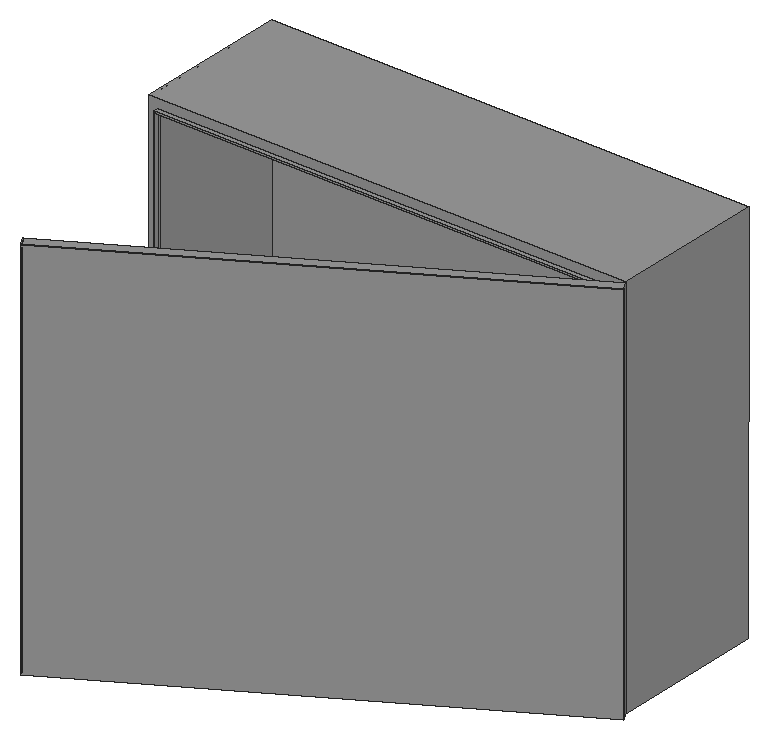
Revit family "Hager-Univers-IP55-D275-H650-Cl.II-Steel_encl-NoHosted-CH-en", category Equipement électrique, Revit 2020
Family settings
  Configuration du panneau = Deux colonnes, circuits au sein
  Cote de connecteur circulaire = Utiliser le diamètre
  Type d'élément = Tableau de raccordement
  Basée sur le plan de construction = Oui
  Toujours verticalement = Oui
  Couper avec des vides une fois chargée = Non
  Partagée = Non
  Point de calcul de pièce = Non
Parameters (values of type "Surface mounted (plaster) IP55 W800 H650 D275  - FR43S")
  Width Control [instance] = if([EF000008 - Width] > Min Width, [EF000008 - Width], Min Width)  # 800 mm
  Commentaires du type = [HG000003 - Range]  # "Univers"
  Thickness Door [instance] = if([EF009171 - Material plate thickness door/cover] > 3 mm, 3 mm, [EF009171 - Material plate thickness door/cover])  # 1.5 mm
  Seal Frame Offset [instance] = 17 mm  # constant formula
  Plinth Visibility [instance] = [HG000027 - Plinth height] > 0 mm  # no
  Min Width [instance] = 100 mm  # constant formula
  Min Depth [instance] = (2 * [EF009170 - Material plate thickness cabinet]) + 1 mm  # 4 mm
  Min Height [instance] = 100 mm  # constant formula
  Internal Frame Depth [instance] = (Door System Depth * 0.5)  # 9 mm
  Panel Name [instance] = ""  # (empty or 0)
  Model = ""
  HG000027 - Plinth height = 0 mm
  HG000026 - Floor standing = no
  HG000024 - Bottom section height = 600 mm
  HG000023 - Double section enclosure = no
  HG000016 - Door 3d visibility [instance] = yes
  HG000015 - Clearance visibility [instance] = no
  HG000014 - Door on the right [instance] = yes
  HG000013 - Door on the left [instance] = not([HG000014 - Door on the right])  # no
  HG000012 - Door swing angle [instance] = 30.00°
  HG000010 - Asymmetric doors = no
  HG000009 - Double swing door = no
  HG000006 - Flush mounted = no
  HG000004 - Manufacturer reference = "FR43S"
  HG000003 - Range = "Univers"
  HG000002 - With door or cover = yes
  Frame Offset Bottom [instance] = 10 mm  # constant formula
  Frame Offset [instance] = 15 mm  # constant formula
  EF015940 - Cover with overpressure release = no
  EF011959 - Degree of protection (NEMA) = ""
  EF009554 - Number of openings for flange plates = 6
  EF009212 - Cover model = "EV000116 - Closed"
  EF009171 - Material plate thickness door/cover = 1.5 mm
  EF009170 - Material plate thickness cabinet = 1.5 mm
  EF008873 - Nominal current (In) = 800 A
  EF007800 - Suitable for lightning protection = no
  EF006306 - With lock = no
  EF006244 - Transparent cover/door = no
  EF005474 - Degree of protection (IP) = "EV006420 - IP55"
  EF004464 - Type of door = "EV002646 - Single"
  EF004427 - Number of modules = 144
  EF004293 - Impact strength = "EV008784 - IK10"
  EF003532 - Suitable for outdoor use = no
  EF002950 - Width in number of modular spacings = 24
  EF001613 - Circuit integrity = "EV000494 - None"
  EF001596 - Material housing = "EV000179 - Steel"
  EF001131 - Internal depth = 275 mm
  EF001088 - Extension possible = yes
  EF000437 - Number of conduit inlets = 6
  EF000339 - Type of cover = "EV004216 - Door"
  EF000266 - Number of rows = 4
  EF000218 - Built-in depth = 0 mm
  EF000118 - With mounting plate = no
  EF000116 - RAL-number = "7035"
  EF000049 - Depth = 275 mm
  EF000040 - Height = 650 mm
  EF000008 - Width = 800 mm
  EF000007 - Colour = "EV000270 - Grey"
  EF000003 - Mounting method = "EV000384 - Surface mounted (plaster)"
  Door System Leaf Tolerance [instance] = 1.5 mm  # constant formula
  Door System Depth [instance] = 18 mm  # constant formula
  Door Height [instance] = Height Control - [HG000027 - Plinth height]  # 650 mm
  Description = ""
  Default Elevation = 1219.2 mm
  Connector Offset [instance] = Height Control / 2  # 325 mm
  Fabricant = "Hager"  # constant formula
  Height Control [instance] = if([EF000040 - Height] > Min Height, [EF000040 - Height], Min Height)  # 650 mm
  Depth Control [instance] = if([EF000049 - Depth] > Min Depth, [EF000049 - Depth], Min Depth)  # 275 mm
  Bottom Top Plate Trim [instance] = 1.5 mm  # constant formula
  Plinth height Ctrl [instance] = if([HG000027 - Plinth height] > 0 mm, [HG000027 - Plinth height], 12 mm)  # 12 mm
Types (5, lengths in mm): name | Width Control | HG000010 - Asymmetric doors | HG000009 - Double swing door | HG000004 - Manufacturer reference | EF009554 - Number of openings for flange plates | EF004464 - Type of door | EF004427 - Number of modules | EF000437 - Number of conduit inlets | EF000008 - Width
  Surface mounted (plaster) IP55 W1050 H650 D275  - FR44S | 1050 | no | yes | "FR44S" | 8 | "EV003602 - Double" | 192 | 8 | 1050
  Surface mounted (plaster) IP55 W1300 H650 D275  - FR45S | 1300 | yes | yes | "FR45S" | 10 | "EV003602 - Double" | 240 | 10 | 1300
  Surface mounted (plaster) IP55 W300 H650 D275  - FR41S | 300 | no | no | "FR41S" | 2 | "EV002646 - Single" | 48 | 2 | 300
  Surface mounted (plaster) IP55 W550 H650 D275  - FR42S | 550 | no | no | "FR42S" | 4 | "EV002646 - Single" | 96 | 4 | 550
  Surface mounted (plaster) IP55 W800 H650 D275  - FR43S | 800 | no | no | "FR43S" | 6 | "EV002646 - Single" | 144 | 6 | 800
Reference planes
  plane 1 "Center (Front/Back)": y = 0
  plane 2: z = 0
  plane 3 "Center (Left/Right)": x = 0
  plane 4: y = 0
  plane 5: y = 0
  plane 6: z = 0
  plane 7: x = -400
  plane 8: x = 400
  plane 9: x = 398.5
  plane 10: x = -398.5
  plane 11: z = 0
  plane 12: z = 1.5
  plane 13: y = -275
  plane 14: y = -1.5
  plane 15: x = 0
  plane 16: y = -257
  plane 17: y = -273.5
  plane 18: y = -255.5
  plane 19: x = -383.5
  plane 20: x = 383.5
  plane 21: z = 11.5
  plane 22: x = -383
  plane 23: x = 383
  plane 24: z = 0
  plane 25: z = 650
  plane 26: z = 650
  plane 27: z = 633.5
  plane 28: z = 648.5
Forms (mm)
  Extrusion 1, solid, material "Hager_Steel_RAL7035_Light_Grey", detail levels medium+fine
    sketch origin (-208.679, -4572, 0) x (-1, 0, 0) y (0, -1, 0)
      loop
        line (191.321, -4315) -> (-608.679, -4315) -> (-608.679, -4572) -> (191.321, -4572) -> (191.321, -4315)
    from 0 to 650
  Extrusion 2, void
    sketch origin (-350.771, -275, 1219.2) x (1, 0, 0) y (0, 0, 1)
      loop
        line (-47.729, -570.7) -> (-47.729, -1217.7) -> (749.271, -1217.7) -> (749.271, -570.7) -> (-47.729, -570.7)
    from -19.5 to -273.5
  Extrusion 3, void
    sketch origin (-290.084, -257, 1219.2) x (1, 0, 0) y (0, 0, 1)
      loop
        line (-93.416, -1207.7) -> (673.584, -1207.7) -> (673.584, -585.7) -> (-93.416, -585.7) -> (-93.416, -1207.7)
    from 0 to -1.5
  Extrusion 4, solid, material "Hager_Steel_RAL7035_Light_Grey", visible <- "Plinth Visibility", detail levels medium+fine
    sketch origin (0, 0, 0) x (1, 0, 0) y (0, 1, 0)
      loop
        line (-400, 0) -> (-400, -257) -> (400, -257) -> (400, 0) -> (-400, 0)
    from 0 to 12 <- "Plinth height Ctrl"
  Extrusion 5, solid, material "Hager_Steel_RAL7035_Light_Grey", detail levels coarse
    sketch origin (0, 0, 0) x (1, 0, 0) y (0, 1, 0)
      loop
        line (-400, 0) -> (-400, -275) -> (400, -275) -> (400, 0) -> (-400, 0)
    from 0 to 650 <- "Height Control"
  Sweep 6, void
    path in 3D
      loop
        line (-400, -257, 12) -> (400, -257, 12) -> (400, 0, 12) -> (-400, 0, 12) -> (-400, -257, 12)
    profile origin (-400, -128.5, 12) x (1, 0, 0) y (0, 0, 1)
      loop
        line (0, 0) -> (0, -1.5) -> (1.5, -1.5)
        arc (1.5, -1.5) -> (1.061, -0.439) -> (0, 0) r 1.5
  Extrusion 7, solid, material "Hager_Steel_RAL7035_Light_Grey", detail levels fine
    sketch origin (-400, -257, 0) x (1, 0, 0) y (0, 0, 1)
      loop
        line (16.5, 11.5) -> (783.5, 11.5) -> (783.5, 633.5) -> (16.5, 633.5) -> (16.5, 11.5)
      loop
        line (15, 10) -> (785, 10) -> (785, 635) -> (15, 635) -> (15, 10)
    from 0 to 9 <- "Internal Frame Depth"
Cuts and joins
  Extrusion 2, Extrusion 3 cuts Extrusion 1
  Sweep 6 cuts Extrusion 4
Lines and regions (mm)
  Masking region 1
    outline origin (0, 0, 0) x (1, 0, 0) y (0, 1, 0)
      loop
        line (-400, 0) -> (-400, -275) -> (400, -275) -> (400, 0) -> (-400, 0)
  Masking region 2, detail levels coarse
    outline origin (-290.084, -257, 1219.2) x (-1, 0, 0) y (0, 0, 1)
      loop
        line (-690.084, -1219.2) -> (109.916, -1219.2) -> (109.916, -569.2) -> (-690.084, -569.2) -> (-690.084, -1219.2)
  Masking region 3, detail levels coarse
    outline origin (0, 0, 0) x (0, 1, 0) y (0, 0, 1)
      loop
        line (0, 0) -> (0, 650) -> (-275, 650) -> (-275, 0) -> (0, 0)
  Masking region 4, visible <- "Plinth Visibility", detail levels medium+fine
    outline origin (0, 0, 0) x (0, 1, 0) y (0, 0, 1)
      loop
        line (-1.5, 12) -> (-255.5, 12)
        arc (-255.5, 12) -> (-255.939, 10.939) -> (-257, 10.5) r 1.5
        line (-257, 10.5) -> (-257, 0) -> (0, 0) -> (0, 10.5)
        arc (0, 10.5) -> (-1.061, 10.939) -> (-1.5, 12) r 1.5
  Masking region 5, detail levels medium+fine
    outline origin (0, 0, 594.038) x (0, 1, 0) y (0, 0, 1)
      loop
        line (0, -594.038) -> (0, 55.962) -> (-257, 55.962) -> (-257, -594.038) -> (0, -594.038)
  Masking region 6, detail levels medium+fine
    outline origin (-359.7, -257, 1211.883) x (-1, 0, 0) y (0, 0, 1)
      loop
        line (-759.7, -1211.883) -> (40.3, -1211.883) -> (40.3, -561.883) -> (-759.7, -561.883) -> (-759.7, -1211.883)
  Masking region 7, visible <- "Plinth Visibility", detail levels medium+fine
    outline origin (-320.334, -257, 1041.368) x (-1, 0, 0) y (0, 0, 1)
      loop
        line (-720.334, -1041.368) -> (79.666, -1041.368) -> (79.666, -1030.868)
        arc (79.666, -1030.868) -> (78.606, -1030.429) -> (78.166, -1029.368) r 1.5
        line (78.166, -1029.368) -> (-718.834, -1029.368)
        arc (-718.834, -1029.368) -> (-719.273, -1030.429) -> (-720.334, -1030.868) r 1.5
        line (-720.334, -1030.868) -> (-720.334, -1041.368)
  sketch lines
    curve 1: line (-400, 0, 12) -> (-400, -257, 12)
    curve 2: line (-400, -257, 12) -> (400, -257, 12)
    curve 3: line (400, 0, 12) -> (-400, 0, 12)
    curve 4: line (400, -257, 12) -> (400, 0, 12)
Dimensions and locks
  locked: plane 1 "Center (Front/Back)" to plane 5
  "EF009170 - Material plate thickness cabinet": plane 7 to plane 10
  "EF009170 - Material plate thickness cabinet": plane 8 to plane 9
  equal spacing: plane 7, plane 3 "Center (Left/Right)", plane 8
  "Width Control": plane 7 to plane 8
  "Depth Control": plane 4 to plane 13
  "EF009170 - Material plate thickness cabinet": plane 4 to plane 14
  "Height Control": plane 25 to level
  "HG000027 - Plinth height": plane 11 to level
  "EF009170 - Material plate thickness cabinet": plane 12 to plane 11
  "EF009170 - Material plate thickness cabinet": plane 17 to plane 13
  "EF009170 - Material plate thickness cabinet": plane 18 to plane 16
  "Frame Offset Bottom": plane 21 to plane 12
  "Frame Offset": plane 10 to plane 19
  "Frame Offset": plane 9 to plane 20
  "Door System Depth": plane 16 to plane 13
  "Seal Frame Offset": plane 7 to plane 22
  "Seal Frame Offset": plane 8 to plane 23
  "EF009170 - Material plate thickness cabinet": plane 26 to plane 28
  "Frame Offset": plane 28 to plane 27
  "Connector Offset": plane 2 to connector elem
  "Bottom Top Plate Trim": profile plane to Sweep 6 sketch curve
  "Bottom Top Plate Trim": Sweep 6 sketch curve to Sweep 6 sketch curve
  "Plinth height Ctrl": Masking region 4 sketch curve to level
  "Plinth height Ctrl": Masking region 7 sketch curve to level
  "Thickness Door": Extrusion 7 sketch curve to Extrusion 7 sketch curve  (x4)
  "Bottom Top Plate Trim": radius of Sweep 6 sketch curve
  "Bottom Top Plate Trim": radius of Masking region 4 sketch curve  (x2)
  "Bottom Top Plate Trim": radius of Masking region 7 sketch curve  (x2)
  aligned and locked: Extrusion 2 sketch curve to plane 12
  aligned and locked: Extrusion 2 sketch curve to plane 9
  aligned and locked: Extrusion 2 sketch curve to plane 10
  aligned and locked: Extrusion 2 to plane 14
  aligned and locked: Extrusion 1 sketch curve to plane 4
  aligned and locked: plane 8 to Extrusion 1 sketch curve
  aligned and locked: plane 7 to Extrusion 1 sketch curve
  aligned and locked: Extrusion 2 to plane 18
  aligned and locked: Extrusion 3 sketch curve to plane 19
  aligned and locked: plane 20 to Extrusion 3 sketch curve
  aligned and locked: Extrusion 3 to Extrusion 2
  aligned and locked: Extrusion 3 sketch curve to plane 21
  aligned and locked: plane 3 "Center (Left/Right)" to nested 1
  aligned and locked: Extrusion 1 sketch curve to plane 16
  aligned and locked: Extrusion 4 sketch curve to cut or joined group of Extrusion 1, Extrusion 2, Extrusion 3
  aligned and locked: Masking region 1 sketch curve to plane 7
  aligned and locked: Masking region 1 sketch curve to plane 5
  aligned and locked: Masking region 1 sketch curve to plane 8
  aligned and locked: Masking region 2 sketch curve to level
  aligned and locked: level to Masking region 3 sketch curve
  aligned and locked: plane 1 "Center (Front/Back)" to Masking region 3 sketch curve
  aligned and locked: plane 13 to Masking region 3 sketch curve
  aligned and locked: plane 5 to Masking region 4 sketch curve
  aligned and locked: Masking region 2 sketch curve to plane 8
  aligned and locked: Masking region 2 sketch curve to plane 7
  aligned and locked: plane 7 to nested 2
  aligned and locked: nested 2 to plane 5
  aligned and locked: plane 5 to Masking region 5 sketch curve
  aligned and locked: plane 26 to Masking region 5 sketch curve
  aligned and locked: Extrusion 5 sketch curve to plane 8
  aligned and locked: Extrusion 5 sketch curve to plane 7
  aligned and locked: Extrusion 5 sketch curve to plane 5
  aligned and locked: Extrusion 3 sketch curve to plane 27
  aligned and locked: Extrusion 2 sketch curve to plane 28
  aligned and locked: Masking region 2 to plane 25
  aligned and locked: Extrusion 4 to plane 16
  aligned and locked: profile plane to Sweep 6 sketch curve
  aligned and locked: Masking region 5 sketch curve to plane 24
  aligned and locked: level to Masking region 4 sketch curve
  aligned and locked: Masking region 1 to plane 13
  aligned and locked: nested 1 to plane 16
  aligned and locked: Masking region 3 to plane 25
  aligned and locked: plane 16 to Masking region 4 sketch curve
  aligned and locked: Masking region 5 sketch curve to plane 16
  aligned and locked: plane 24 to plane 11
  aligned and locked: plane 26 to plane 25
  aligned and locked: plane 26 to cut or joined group of Extrusion 1, Extrusion 2, Extrusion 3
  aligned and locked: nested 1 to plane 24
  aligned and locked: Extrusion 1 to Extrusion 3
  aligned and locked: Masking region 6 sketch curve to plane 8
  aligned and locked: Masking region 6 sketch curve to plane 24
  aligned and locked: Masking region 6 sketch curve to plane 7
  aligned and locked: Masking region 6 sketch curve to plane 26
  aligned and locked: Masking region 7 sketch curve to plane 7
  aligned and locked: level to Masking region 7 sketch curve
  aligned and locked: Masking region 7 sketch curve to plane 8
  aligned and locked: Extrusion 7 sketch curve to cut or joined group of Extrusion 1, Extrusion 2, Extrusion 3  (x4)
Automatic sketch dimensions
  plane 19 to Extrusion 3 sketch curve = 0 mm
  Extrusion 3 sketch curve to plane 20 = 0 mm
  Extrusion 3 sketch curve to plane 21 = 0 mm
  Extrusion 4 sketch curve to plane 7 = 0 mm
  Extrusion 4 sketch curve to plane 8 = 0 mm
  Extrusion 4 sketch curve to plane 16 = 0 mm
  Masking region 1 sketch curve to plane 13 = 0 mm
  Masking region 2 sketch curve to plane 25 = 0 mm
  Masking region 3 sketch curve to plane 25 = 0 mm
  Extrusion 5 sketch curve to plane 13 = 0 mm
  profile plane to Sweep 6 sketch curve = 0 mm
Nested families
  nested 1: "EC000058_Univers_Door" at (0, -257, 0), Double <- "HG000009 - Double swing door", Transparent <- "EF006244 - Transparent cover/door", Angle <- "HG000012 - Door swing angle", Door_Right <- "HG000014 - Door on the right", Assymetrical <- "HG000010 - Asymmetric doors", Door <- "HG000002 - With door or cover", Width_Ctrl <- "Width Control", 3d_Door <- "HG000016 - Door 3d visibility", Clearance <- "HG000015 - Clearance visibility", Door_Left <- "HG000013 - Door on the left", Width <- "Width Control", Door_Depth <- "Door System Depth", Leaf_Tolerance <- "Door System Leaf Tolerance", Height <- "Door Height", Lock_Visibility <- "EF006306 - With lock", Thickness <- "Thickness Door", type "EC000058_Univers_Door", detail levels medium+fine
    with min_wh 4 mm, Width_Ctrl 800 mm, Width 800 mm, Transparent no, Thickness 1.5 mm, Seal_Material Hager_Rubber, Lock_Visibility no, Lock_Material Hager_Plastic_RAL9005_Jet_Black, Leaf_Width 800 mm, Leaf_Tolerance_External_Sides 0 mm, Leaf_Tolerance 1.5 mm, Leaf_Offset 0 mm, Leaf_Height 647 mm, Leaf_2_Width 800 mm, Leaf_2_Offset 400 mm, Leaf_1_Width 800 mm, Leaf_1_Offset 400 mm, Height_Ctrl 650 mm, Height 650 mm, Glass_Material Hager_Glass, Double_Clearance_Ctrl no, Double no, Door_Right_Ctrl yes, Door_Right yes, Door_Material Hager_Steel_RAL7035_Light_Grey, Door_Left_Ctrl no, Door_Left no, Door_Depth 18 mm, Door yes, Clearance_Material Hager_Clearance, Clearance_Depth 800 mm, Clearance_Ctrl no, Clearance no, Assymetrical no, Angle 30.00°, 3d_Door yes
  nested 2: "Hager_Enclosure_Symbol" at (-400, 0, 0), Height <- "Depth Control", Width <- "Width Control", type "Hager_Enclosure_Symbol"
    with Width_Ctrl 800 mm, Width 800 mm, Height_Ctrl 275 mm, Height 275 mm, A_Width_Int 18.047 mm, A_Width 216.562 mm, A_Height_Ctrl 240.625 mm, A_Height 240.625 mm
Connectors
  electrical at (0, 0, 325)
    settings: on plane 1 "Center (Front/Back)", index 1, voltage 0 V, apparent load 0 VA, apparent load phase1 0 VA, apparent load phase2 0 VA, apparent load phase3 0 VA, power factor 1, load classification "Other", number of poles 1, system type 30, power factor state 1, is connector primary yes, connector utility no, sub classification motor no, connector description ""
Definition of nested family "EC000058_Univers_Door"
  Parameters (values of type "EC000058_Univers_Door")
    min_wh [instance] = (2 * Thickness) + 1 mm  # 11 mm
    Width_Ctrl [instance] = 400 mm
    Width [instance] = 500 mm
    Transparent [instance] = yes
    Thickness [instance] = 5 mm
    Seal_Material [instance] = none
    Lock_Visibility [instance] = yes
    Lock_Material [instance] = none
    Leaf_Width [instance] = if((Width_Ctrl - 2 * Leaf_Tolerance_External_Sides) > 0 mm, (Width_Ctrl - 2 * Leaf_Tolerance_External_Sides), min_wh)  # 400 mm
    Leaf_Tolerance_External_Sides [instance] = 0 mm  # constant formula
    Leaf_Tolerance [instance] = 1.5 mm
    Leaf_Offset [instance] = 0 mm  # constant formula
    Leaf_Height [instance] = if((Height_Ctrl - 2 * Leaf_Tolerance) > 0 mm, (Height_Ctrl - 2 * Leaf_Tolerance), min_wh)  # 497 mm
    Leaf_2_Width [instance] = if(and(and(Double, Assymetrical), Door_Left), (Leaf_Width / 3) - (Leaf_Tolerance / 2), if(and(and(Double, Assymetrical), Door_Right), (Leaf_Width / 3) * 2 - (Leaf_Tolerance / 2), if(and(Double, not(Assymetrical)), (Leaf_Width / 2) - Leaf_Tolerance, Leaf_Width)))  # 400 mm
    Leaf_2_Offset [instance] = if(and(Double, Assymetrical), Leaf_2_Width / 2, if(and(Double, not(Assymetrical)), Leaf_Width / 4, Leaf_Width / 2))  # 200 mm
    Leaf_1_Width [instance] = if(and(and(Double, Assymetrical), Door_Right), (Leaf_Width / 3) - (Leaf_Tolerance / 2), if(and(and(Double, Assymetrical), Door_Left), (Width / 3) * 2 - (Leaf_Tolerance / 2), if(and(Double, not(Assymetrical)), (Leaf_Width / 2) - Leaf_Tolerance, Leaf_Width)))  # 400 mm
    Leaf_1_Offset [instance] = if(and(Double, Assymetrical), Leaf_1_Width / 2, if(and(Double, not(Assymetrical)), Leaf_Width / 4, Leaf_Width / 2))  # 200 mm
    Height_Ctrl [instance] = if(Height > min_wh, Height, min_wh)  # 500 mm
    Height [instance] = 500 mm
    Glass_Material [instance] = none
    Double_Clearance_Ctrl [instance] = and(Double, Clearance)  # no
    Double [instance] = no
    Door_Right_Ctrl [instance] = and(or(Door_Right, Double), Door)  # yes
    Door_Right [instance] = yes
    Door_Material [instance] = none
    Door_Left_Ctrl [instance] = and(or(Door_Left, Double), Door)  # no
    Door_Left [instance] = no
    Door_Depth [instance] = 30 mm
    Door [instance] = yes
    Default Elevation = 1219.2 mm
    Clearance_Material [instance] = none
    Clearance_Depth [instance] = if(Leaf_1_Width > Leaf_2_Width, Leaf_1_Width, Leaf_2_Width)  # 400 mm
    Clearance_Ctrl [instance] = and(not(Double), Clearance)  # yes
    Clearance [instance] = yes
    Assymetrical [instance] = yes
    Angle [instance] = 30.00°
    3d_Door [instance] = yes
  Reference planes
    plane 1 "Center (Front/Back)": y = 0
    plane 2 "Bottom": z = 0
    plane 3 "Center (Left/Right)": x = 0
    plane 4: z = 500
    plane 5: x = -200
    plane 6: x = 200
    plane 7: z = 500
    plane 8: x = -200
    plane 9: z = 0
    plane 10: x = 200
    plane 11: y = 0
    plane 12: z = 1.5
    plane 13: x = -600
    plane 14: y = -400
    plane 15: x = 600
    plane 16: x = 0
    plane 17: x = 0
    plane 18: x = -200
    plane 19: x = 200
    plane 20: z = 498.5
  Forms (mm)
    Extrusion 1, solid, material <- "Clearance_Material", visible <- "Double_Clearance_Ctrl"
      sketch origin (1200, 0, 0) x (1, 0, 0) y (0, 0, -1)
        loop
          line (-1800, -498.5) -> (-600, -498.5) -> (-600, 0) -> (-1800, 0) -> (-1800, -498.5)
      from 0 to -400
  Dimensions and locks
    equal spacing: plane 5, plane 3 "Center (Left/Right)", plane 6
    "Width_Ctrl": plane 5 to plane 6
    "Leaf_Offset": plane 5 to plane 8
    "Leaf_Offset": plane 6 to plane 10
    "Leaf_Offset": plane 9 to level
    "Leaf_Offset": plane 4 to plane 7
    "Height_Ctrl": plane 4 to level
    "Leaf_Tolerance": plane 12 to plane 9
    locked: plane 11 to plane 1 "Center (Front/Back)"
    "Leaf_1_Offset": plane 18 to plane 16
    "Leaf_2_Offset": plane 17 to plane 19
    "Leaf_1_Width": plane 13 to plane 8
    "Leaf_2_Width": plane 10 to plane 15
    "Clearance_Depth": plane 14 to plane 1 "Center (Front/Back)"
    "Leaf_Tolerance_External_Sides": plane 8 to plane 18
    "Leaf_Tolerance_External_Sides": plane 19 to plane 10
    "Leaf_Tolerance": plane 7 to plane 20
    aligned and locked: level to plane 2 "Bottom"
    aligned and locked: nested 1 to plane 16
    aligned and locked: nested 2 to plane 17
    aligned and locked: Extrusion 1 to plane 13
    aligned and locked: plane 15 to Extrusion 1
    aligned and locked: Extrusion 1 to plane 14
    aligned and locked: plane 12 to nested 1
    aligned and locked: nested 2 to plane 12
    aligned and locked: Extrusion 1 to plane 11
    aligned and locked: plane 20 to Extrusion 1
    aligned and locked: nested 2 to plane 11
    aligned and locked: nested 1 to plane 11
  Automatic sketch dimensions
    Extrusion 1 sketch curve to level = 0 mm
    plane 5 to Extrusion 1 sketch curve = 400 mm
    plane 6 to Extrusion 1 sketch curve = 400 mm
    Extrusion 1 sketch curve to plane 4 = 1.5 mm
  Nested families
    nested 1: "EC000058_Univers_Door_Leaf" at (0, 0, 1.5), Width <- "Leaf_1_Width", visible <- "Door_Left_Ctrl", Leaf_Height <- "Leaf_Height", Angle <- "Angle", 3d_Door <- "3d_Door", Transparent <- "Transparent", Clearance Material <- "Clearance_Material", Clearance <- "Clearance_Ctrl", Door_Material <- "Door_Material", Glass_Material <- "Glass_Material", Door_Depth <- "Door_Depth", Lock_Material <- "Lock_Material", Seal_Material <- "Seal_Material", Lock_Visibility <- "Lock_Visibility", Thickness <- "Thickness", type "EC000058_Univers_Door_Leaf"
      with Width 400 mm, Transparent_Glass_Offset 30 mm, Transparent_Ctrl yes, Transparent yes, Thickness 5 mm, Standard no, Seal_Material none, Seal_D2 8 mm, Seal_D1 1 mm, Offset_Internal_Frame 10 mm, Lock_Width 20 mm, Lock_Visibility_3d yes, Lock_Visibility yes, Lock_Thickness_3 3 mm, Lock_Thickness_2 1 mm, Lock_Thickness_1 3 mm, Lock_Radius_Offset_2 16 mm, Lock_Radius_Offset_1 15 mm, Lock_Radius_2 5 mm, Lock_Radius 6 mm, Lock_Offset 5 mm, Lock_Material none, Lock_Height 80 mm, Lock_Cover_Top_Offset_2d 17 mm, Lock_Cover_Height -65 mm, Leaf_Height 497 mm, Internal_Seal_Thickness 8 mm, Internal_Seal_Depth_2 4.5 mm, Internal_Frame_Depth 25 mm, Glass_Thickness -1 mm, Glass_Offset -2 mm, Glass_Material none, Door_Material none, Door_Depth 30 mm, Clearance Material none, Clearance yes, Angle_Ctrl 30.00°, Angle 30.00°, 3d_Door yes
    nested 2: "EC000058_Univers_Door_Leaf" at (0, 0, 1.5) x (-1, 0, 0) z (0, 0, 1), Width <- "Leaf_2_Width", visible <- "Door_Right_Ctrl", Leaf_Height <- "Leaf_Height", Angle <- "Angle", 3d_Door <- "3d_Door", Transparent <- "Transparent", Clearance Material <- "Clearance_Material", Clearance <- "Clearance_Ctrl", Door_Material <- "Door_Material", Glass_Material <- "Glass_Material", Door_Depth <- "Door_Depth", Lock_Material <- "Lock_Material", Seal_Material <- "Seal_Material", Lock_Visibility <- "Lock_Visibility", Thickness <- "Thickness", type "EC000058_Univers_Door_Leaf"
      with Width 400 mm, Transparent_Glass_Offset 30 mm, Transparent_Ctrl yes, Transparent yes, Thickness 5 mm, Standard no, Seal_Material none, Seal_D2 8 mm, Seal_D1 1 mm, Offset_Internal_Frame 10 mm, Lock_Width 20 mm, Lock_Visibility_3d yes, Lock_Visibility yes, Lock_Thickness_3 3 mm, Lock_Thickness_2 1 mm, Lock_Thickness_1 3 mm, Lock_Radius_Offset_2 16 mm, Lock_Radius_Offset_1 15 mm, Lock_Radius_2 5 mm, Lock_Radius 6 mm, Lock_Offset 5 mm, Lock_Material none, Lock_Height 80 mm, Lock_Cover_Top_Offset_2d 17 mm, Lock_Cover_Height -65 mm, Leaf_Height 497 mm, Internal_Seal_Thickness 8 mm, Internal_Seal_Depth_2 4.5 mm, Internal_Frame_Depth 25 mm, Glass_Thickness -1 mm, Glass_Offset -2 mm, Glass_Material none, Door_Material none, Door_Depth 30 mm, Clearance Material none, Clearance yes, Angle_Ctrl 30.00°, Angle 30.00°, 3d_Door yes
  Definition of nested family "EC000058_Univers_Door_Leaf"
    Parameters (values of type "EC000058_Univers_Door_Leaf")
      Width [instance] = 2000 mm
      Transparent_Glass_Offset [instance] = 30 mm
      Transparent_Ctrl [instance] = and(Transparent, [3d_Door])  # yes
      Transparent [instance] = yes
      Thickness [instance] = 5 mm
      Standard [instance] = and(not(Transparent), [3d_Door])  # no
      Seal_Material [instance] = none
      Seal_D2 [instance] = 8 mm  # constant formula
      Seal_D1 [instance] = 1 mm  # constant formula
      Offset_Internal_Frame [instance] = 10 mm  # constant formula
      Lock_Width [instance] = 20 mm  # constant formula
      Lock_Visibility_3d [instance] = and(Lock_Visibility, [3d_Door])  # yes
      Lock_Visibility [instance] = yes
      Lock_Thickness_3 [instance] = 3 mm  # constant formula
      Lock_Thickness_2 [instance] = 1 mm  # constant formula
      Lock_Thickness_1 [instance] = 3 mm  # constant formula
      Lock_Radius_Offset_2 [instance] = Lock_Radius_Offset_1 + 1 mm  # 16 mm
      Lock_Radius_Offset_1 [instance] = 15 mm  # constant formula
      Lock_Radius_2 [instance] = Lock_Radius - 1 mm  # 5 mm
      Lock_Radius [instance] = 6 mm  # constant formula
      Lock_Offset [instance] = 5 mm  # constant formula
      Lock_Material [instance] = none
      Lock_Height [instance] = 80 mm  # constant formula
      Lock_Cover_Top_Offset_2d [instance] = Lock_Radius_Offset_2 + 1 mm  # 17 mm
      Lock_Cover_Height [instance] = -(Lock_Height - Lock_Radius_Offset_1)  # -65 mm
      Leaf_Height [instance] = 2720.336 mm
      Internal_Seal_Thickness [instance] = 8 mm  # constant formula
      Internal_Seal_Depth_2 [instance] = 4.5 mm  # constant formula
      Internal_Frame_Depth [instance] = if(Door_Depth - Thickness > 5 mm, Door_Depth - Thickness, 5 mm)  # 25 mm
      Glass_Thickness [instance] = if(Thickness > 15 mm, Glass_Offset + 10 mm, -1 mm)  # -1 mm
      Glass_Offset [instance] = if(Thickness > 15 mm, -(Thickness + 10 mm) / 2, -2 mm)  # -2 mm
      Glass_Material [instance] = none
      Door_Material [instance] = none
      Door_Depth [instance] = 30 mm
      Default Elevation = 0 mm
      Clearance Material [instance] = none
      Clearance [instance] = yes
      Angle_Ctrl [instance] = if(Angle > 180.00°, 180.00°, Angle)  # 90.00°
      Angle [instance] = 90.00°
      3d_Door [instance] = yes
    Reference planes
      plane 1 "Center (Front/Back)": y = 0
      plane 2: z = 0
      plane 3 "Center (Left/Right)": x = 0
      plane 4: y = 2000
      plane 5: x = -1000
      plane 6: x = 1000
      plane 7: x = -3000
      plane 8: z = 2720.336
      plane 9: z = 30
      plane 10: z = 2690.336
      plane 11: x = 970
      plane 12: x = -970
      plane 13: y = -3
      plane 14: z = 107.833
      plane 15: y = -5
      plane 16: y = -223.314
      plane 17: x = -1000
      plane 18: z = 1360.168
      plane 19: y = 30
    Forms (mm)
      Extrusion 1, solid, material <- "Clearance Material", visible <- "Clearance"
        sketch origin (0, 0, 0) x (1, 0, 0) y (0, 0, 1)
          loop
            line (-3000, 2720.336) -> (-3000, 0) -> (1000, 0) -> (1000, 2720.336) -> (-3000, 2720.336)
        from 0 to -2000
      Extrusion 2, solid, material <- "Door_Material", visible <- "Standard", detail levels medium+fine
        sketch origin (-1000, 0, 0) x (0, 1, 0) y (-1, 0, 0)
          loop
            line (0, 30) -> (0, 25) -> (2000, 25) -> (2000, 30) -> (0, 30)
        from 0 to 2720.336 <- "Leaf_Height"
      Extrusion 3, solid, material <- "Door_Material", visible <- "Transparent_Ctrl", detail levels medium+fine
        sketch origin (-1000, 0, 0) x (0, 1, 0) y (-1, 0, 0)
          loop
            line (0, 25) -> (2000, 25) -> (2000, 30) -> (0, 30) -> (0, 25)
        from 0 to 2720.336 <- "Leaf_Height"
      Extrusion 4, void
        sketch origin (-1025, 2000, 0) x (0, 1, 0) y (0, 0, -1)
          loop
            line (-30, -2690.336) -> (-30, -30) -> (-1970, -30) -> (-1970, -2690.336) -> (-30, -2690.336)
        from 0 to 5 <- "Thickness"
      Sweep 5, solid, material <- "Seal_Material", visible <- "Transparent_Ctrl", detail levels fine
        path in 3D
          loop
            line (-1025, 30, 30) -> (-1025, 30, 2690.336) -> (-1025, 1970, 2690.336) -> (-1025, 1970, 30) -> (-1025, 30, 30)
        profile origin (-1025, 1000, 30) x (1, 0, 0) y (0, 0, 1)
          loop
            line (0, 0) -> (0, -8) -> (1, -8) -> (1, 0) -> (0, 0)
      Extrusion 6, solid, material <- "Glass_Material", visible <- "Transparent_Ctrl", detail levels medium+fine
        sketch origin (-1030, 0, 0) x (0, 1, 0) y (0, 0, -1)
          loop
            line (1970, -2690.336) -> (1970, -30) -> (30, -30) -> (30, -2690.336) -> (1970, -2690.336)
        from -2 <- "Glass_Offset" to -1 <- "Glass_Thickness"
      Extrusion 7, solid, material <- "Door_Material", visible <- "3d_Door", detail levels medium+fine
        sketch origin (-1025, 2000, 0) x (0, -1, 0) y (0, 0, -1)
          loop
            line (0, -2720.336) -> (2000, -2720.336) -> (2000, 0) -> (0, 0) -> (0, -2720.336)
          loop
            line (1995, -5) -> (5, -5) -> (5, -2715.336) -> (1995, -2715.336) -> (1995, -5)
        from 0 to 25 <- "Internal_Frame_Depth"
      Sweep 8, solid, material <- "Seal_Material", visible <- "Transparent_Ctrl", detail levels fine
        path in 3D
          loop
            line (-1025, 0, 0) -> (-1025, 2000, 0) -> (-1025, 2000, 2720.336) -> (-1025, 0, 2720.336) -> (-1025, 0, 0)
        profile origin (-1025, 0, 1360.168) x (1, 0, 0) y (0, 1, 0)
          loop
            line (0, 10) -> (2.975, 10)
            arc (2.975, 10) -> (4.053, 10.447) -> (4.5, 11.525) r 1.525
            line (4.5, 11.525) -> (4.5, 16.527)
            arc (4.5, 16.527) -> (4.069, 17.569) -> (3.027, 18) r 1.473
            line (3.027, 18) -> (0, 18) -> (0, 10)
      Extrusion 9, solid, material <- "Lock_Material", visible <- "Lock_Visibility_3d", detail levels fine
        sketch origin (-1030, 0, 0) x (0, 1, 0) y (0, 0, -1)
          loop
            arc (1993.5, -1400.168) -> (1994.561, -1399.729) -> (1995, -1398.668) r 1.5
            line (1995, -1398.668) -> (1995, -1320.168) -> (1975, -1320.168) -> (1975, -1398.668)
            arc (1975, -1398.668) -> (1975.439, -1399.729) -> (1976.5, -1400.168) r 1.5
            line (1976.5, -1400.168) -> (1993.5, -1400.168)
        from 3 <- "Lock_Thickness_1" to 0
      Blend 10, solid, material <- "Lock_Material", visible <- "Lock_Visibility_3d", detail levels fine
        base sketch origin (-1033, 0, 0) x (0, 1, 0) y (0, 0, -1)
          loop
            line (1975, -1320.168) -> (1975, -1398.668)
            arc (1975, -1398.668) -> (1975.439, -1399.729) -> (1976.5, -1400.168) r 1.5
            line (1976.5, -1400.168) -> (1993.5, -1400.168)
            arc (1993.5, -1400.168) -> (1994.561, -1399.729) -> (1995, -1398.668) r 1.5
            line (1995, -1398.668) -> (1995, -1320.168) -> (1975, -1320.168)
        top sketch origin (-1033, 0, 0) x (0, 1, 0) y (0, 0, -1)
          loop
            line (1976, -1320.168) -> (1976, -1398.668)
            arc (1976, -1398.668) -> (1976.146, -1399.022) -> (1976.5, -1399.168) r 0.5
            line (1976.5, -1399.168) -> (1993.5, -1399.168)
            arc (1993.5, -1399.168) -> (1993.854, -1399.022) -> (1994, -1398.668) r 0.5
            line (1994, -1398.668) -> (1994, -1320.168) -> (1976, -1320.168)
        from 0 to 1 <- "Lock_Thickness_2"
      Blend 11, solid, material <- "Lock_Material", visible <- "Lock_Visibility_3d", detail levels fine
        base sketch origin (-1034, 0, 0) x (0, 1, 0) y (0, 0, -1)
          loop
            line (1978, -1320.168) -> (1978, -1384.168)
            arc (1978, -1384.168) -> (1985, -1391.168) -> (1992, -1384.168) r 7
            line (1992, -1384.168) -> (1992, -1320.168) -> (1978, -1320.168)
        top sketch origin (-1034, 0, 0) x (0, 1, 0) y (0, 0, -1)
          loop
            line (1991, -1320.168) -> (1979, -1320.168) -> (1979, -1383.168)
            arc (1979, -1383.168) -> (1985, -1389.168) -> (1991, -1383.168) r 6
            line (1991, -1383.168) -> (1991, -1320.168)
        from 0 to 3 <- "Lock_Thickness_3"
      Extrusion 12, solid, material <- "Lock_Material", visible <- "Lock_Visibility_3d", detail levels fine
        sketch origin (-1030, 1975, 1320.168) x (1, 0, 0) y (0, -1, 0)
          loop
            line (-7, -19) -> (-7, -1) -> (0, -1) -> (0, 0) -> (-8, 0) -> (-8, -20) -> (0, -20) -> (0, -19) -> (-7, -19)
        from 0 to -65 <- "Lock_Cover_Height"
      Extrusion 13, void
        sketch origin (-1038, 1995, 1320.168) x (-1, 0, 0) y (0, 0, -1)
          loop
            line (-5, -65) -> (0, -65) -> (-5, -60) -> (-5, -65)
        from 0 to 20 <- "Lock_Width"
      Extrusion 14, void
        sketch origin (-1038, 1975, 1320.168) x (0, -1, 0) y (0, 0, -1)
          loop
            circle (-10, -15.995) r 6
          loop
            circle (-10, -15.995) r 5
        from 0 to 2
      Extrusion 15, solid, material <- "Lock_Material", visible <- "Lock_Visibility_3d", detail levels medium
        sketch origin (-1030, 0, 0) x (0, 1, 0) y (0, 0, -1)
          loop
            arc (1993.5, -1400.168) -> (1994.561, -1399.729) -> (1995, -1398.668) r 1.5
            line (1995, -1398.668) -> (1995, -1320.168) -> (1975, -1320.168) -> (1975, -1398.668)
            arc (1975, -1398.668) -> (1975.439, -1399.729) -> (1976.5, -1400.168) r 1.5
            line (1976.5, -1400.168) -> (1993.5, -1400.168)
        from 8 to 0
    Cuts and joins
      Extrusion 4 cuts Extrusion 3
      Extrusion 13, Extrusion 14 cuts Extrusion 9
      Extrusion 14 cuts Blend 11
      Extrusion 13, Extrusion 14 cuts Extrusion 12
      joined: Extrusion 9, Blend 10, Blend 11, Extrusion 12
      Extrusion 14 cuts Extrusion 15
    Lines and regions (mm)
      Masking region 1, visible <- "Lock_Visibility", detail levels fine
        outline origin (0, 0, 0) x (0, 1, 0) y (0, 0, 1)
          loop
            line (30, 1320.168) -> (33, 1320.168) -> (33, 1400.168) -> (30, 1400.168) -> (30, 1320.168)
      Masking region 2, visible <- "Lock_Visibility", detail levels fine
        outline origin (0, 3.143, 0) x (0, 1, 0) y (0, 0, 1)
          loop
            line (29.857, 1354.168) -> (30.857, 1354.168) -> (30.857, 1366.168) -> (29.857, 1366.168) -> (29.857, 1354.168)
      Masking region 3, detail levels medium+fine
        outline origin (0, 0, 0) x (0, 1, 0) y (0, 0, 1)
          loop
            line (0, 0) -> (30, 0) -> (30, 2720.336) -> (0, 2720.336) -> (0, 0)
      Masking region 4, detail levels medium+fine
        outline origin (0, 0, 0) x (1, 0, 0) y (0, 0, 1)
          loop
            line (-1000, 2720.336) -> (-1000, 0) -> (1000, 0) -> (1000, 2720.336) -> (-1000, 2720.336)
      Masking region 5, visible <- "Lock_Visibility", detail levels fine
        outline origin (-47.116, 0, 0) x (1, 0, 0) y (0, 0, 1)
          loop
            arc (1024.616, 1399.168) -> (1023.556, 1398.729) -> (1023.116, 1397.668) r 1.5
            line (1023.116, 1397.668) -> (1023.116, 1320.168) -> (1041.116, 1320.168) -> (1041.116, 1397.668)
            arc (1041.116, 1397.668) -> (1040.677, 1398.729) -> (1039.616, 1399.168) r 1.5
            line (1039.616, 1399.168) -> (1024.616, 1399.168)
      Masking region 6, visible <- "Lock_Visibility", detail levels medium+fine
        outline origin (-25, 0, 0) x (1, 0, 0) y (0, 0, 1)
          loop
            arc (1001.5, 1400.168) -> (1000.439, 1399.729) -> (1000, 1398.668) r 1.5
            line (1000, 1398.668) -> (1000, 1320.168) -> (1020, 1320.168) -> (1020, 1398.668)
            arc (1020, 1398.668) -> (1019.561, 1399.729) -> (1018.5, 1400.168) r 1.5
            line (1018.5, 1400.168) -> (1001.5, 1400.168)
      Masking region 7, visible <- "Lock_Visibility", detail levels fine
        outline origin (-73.735, 0, 0) x (1, 0, 0) y (0, 0, 1)
          loop
            line (1051.735, 1382.168) -> (1065.735, 1382.168) -> (1065.735, 1384.168)
            arc (1065.735, 1384.168) -> (1058.735, 1391.168) -> (1051.735, 1384.168) r 7
            line (1051.735, 1384.168) -> (1051.735, 1382.168)
      Masking region 8, visible <- "Lock_Visibility", detail levels fine
        outline origin (-73.735, 0, 0) x (1, 0, 0) y (0, 0, 1)
          loop
            line (1052.735, 1382.168) -> (1064.735, 1382.168) -> (1064.735, 1383.168)
            arc (1064.735, 1383.168) -> (1058.735, 1389.168) -> (1052.735, 1383.168) r 6
            line (1052.735, 1383.168) -> (1052.735, 1382.168)
      Masking region 9, visible <- "Lock_Visibility", detail levels fine
        outline origin (-25, 0, 0) x (1, 0, 0) y (0, 0, 1)
          loop
            line (1020, 1320.168) -> (1020, 1382.168) -> (1000, 1382.168) -> (1000, 1320.168) -> (1020, 1320.168)
      Masking region 10, detail levels medium+fine
        outline origin (0, 0, 0) x (1, 0, 0) y (0, 0, 1)
          loop
            circle (985, 1335.144) r 6
      Masking region 11, detail levels fine
        outline origin (0, 0, 0) x (1, 0, 0) y (0, 0, 1)
          loop
            circle (985, 1335.144) r 5
      Masking region 12, visible <- "Lock_Visibility", detail levels fine
        outline origin (0, 12.767, 0) x (0, 1, 0) y (0, 0, 1)
          loop
            line (20.233, 1320.168) -> (21.233, 1320.168) -> (21.233, 1399.168) -> (20.233, 1400.168) -> (20.233, 1320.168)
      Masking region 13, visible <- "Lock_Visibility", detail levels fine
        outline origin (0, 13.767, -10) x (0, 1, 0) y (0, 0, 1)
          loop
            line (20.233, 1330.168) -> (23.233, 1330.168) -> (23.233, 1399.168) -> (20.233, 1402.168) -> (20.233, 1330.168)
      Masking region 14, visible <- "Lock_Visibility", detail levels fine
        outline origin (0, 12.767, -10) x (0, 1, 0) y (0, 0, 1)
          loop
            line (20.233, 1330.168) -> (25.233, 1330.168) -> (25.233, 1399.305) -> (20.233, 1394.305) -> (20.233, 1330.168)
      Masking region 15, visible <- "Lock_Visibility", detail levels medium
        outline origin (0, 0, 0) x (0, 1, 0) y (0, 0, 1)
          loop
            line (30, 1320.168) -> (38, 1320.168) -> (38, 1400.168) -> (30, 1400.168) -> (30, 1320.168)
      Masking region 16, visible <- "Lock_Visibility", detail levels fine
        outline origin (-1000, 0, 0) x (0, 1, 0) y (-1, 0, 0)
          loop
            line (1975, 30) -> (1995, 30) -> (1995, 38) -> (1975, 38) -> (1975, 30)
          loop
            line (1979, 37) -> (1976, 37) -> (1976, 34) -> (1978, 34) -> (1979, 37)
          loop
            line (1994, 37) -> (1991, 37) -> (1992, 34) -> (1994, 34) -> (1994, 37)
      Masking region 17, visible <- "Lock_Visibility", detail levels medium
        outline origin (-1000, 0, 0) x (0, 1, 0) y (-1, 0, 0)
          loop
            line (1975, 30) -> (1995, 30) -> (1995, 38) -> (1975, 38) -> (1975, 30)
      symbolic lines
        curve 1: line (1000, 0, 0) -> (-3000, 0, 0)
        curve 2: arc (1000, 0, 0) -> (-1000, 2000, 0) -> (-3000, 0, 0) r 2000
        curve 4: line (-1030, 0, 0) -> (-1030, 2000, 0)
      reference lines
        curve 3: line (-1000, 0, 0) -> (-1000, 2000, 0)
      symbolic lines, detail levels medium+fine
        curve 5: line (-1030, 2000, 0) -> (-1025, 2000, 0)
        curve 7: line (-1025, 0, 0) -> (-1030, 0, 0)
        curve 8: line (-1025, 0, 0) -> (-1000, 0, 0)
        curve 9: line (-1000, 0, 0) -> (-1000, 2000, 0)
        curve 10: line (-1000, 2000, 0) -> (-1025, 2000, 0)
      symbolic lines, detail levels fine
        curve 6: line (-1025, 2000, 0) -> (-1025, 0, 0)
      sketch lines
        curve 11: line (-1025, 0, 2720.336) -> (-1025, 0, 0)
        curve 12: line (-1025, 2000, 0) -> (-1025, 0, 0)
        curve 13: line (-1025, 2000, 2720.336) -> (-1025, 2000, 0)
        curve 14: line (-1025, 0, 2720.336) -> (-1025, 2000, 2720.336)
        curve 15: line (-1025, 1970, 30) -> (-1025, 30, 30)
        curve 16: line (-1025, 30, 30) -> (-1025, 30, 2690.336)
        curve 17: line (-1025, 1970, 2690.336) -> (-1025, 1970, 30)
        curve 18: line (-1025, 30, 2690.336) -> (-1025, 1970, 2690.336)
      symbolic lines, visible <- "Transparent", detail levels medium+fine
        curve 19: line (-970, 0, 2690.336) -> (970, 0, 2690.336)
        curve 20: line (-970, 0, 30) -> (-970, 0, 2690.336)
        curve 21: line (970, 0, 30) -> (-970, 0, 30)
        curve 22: line (970, 0, 2690.336) -> (970, 0, 30)
    Dimensions and locks
      "Width": plane 1 "Center (Front/Back)" to plane 4
      equal spacing: plane 5, plane 3 "Center (Left/Right)", plane 6
      "Width": plane 5 to plane 6
      "Width": plane 7 to plane 5
      "Leaf_Height": plane 8 to level
      "Width": curve 5 to curve 3
      "Width": curve 3 to curve 3
      plane 8 to plane 10 = 30 mm
      plane 9 to level = 30 mm
      plane 12 to plane 5 = 30 mm
      plane 6 to plane 11 = 30 mm
      Extrusion 1 to Extrusion 4 sketch curve = 30 mm
      "Transparent_Glass_Offset": curve 3 to Extrusion 4 sketch curve
      "Transparent_Glass_Offset": Extrusion 4 sketch curve to cut or joined group of Extrusion 3, Extrusion 4  (x2)
      cut or joined group of Extrusion 3, Extrusion 4 to Extrusion 6 sketch curve = 30 mm
      "Transparent_Glass_Offset": cut or joined group of Extrusion 3, Extrusion 4 to Extrusion 4 sketch curve
      "Thickness": curve 6 to curve 4
      "Thickness": Extrusion 7 sketch curve to Extrusion 7 sketch curve  (x4)
      "Door_Depth": curve 4 to curve 3
      "Offset_Internal_Frame": profile plane to Sweep 8 sketch curve
      "Internal_Seal_Thickness": Sweep 8 sketch curve to Sweep 8 sketch curve
      "Internal_Seal_Depth_2": profile plane to Sweep 8 sketch curve
      "Seal_D1": profile plane to Sweep 5 sketch curve
      "Seal_D2": profile plane to Sweep 5 sketch curve
      "Thickness": Extrusion 2 sketch curve to Extrusion 2 sketch curve
      equal spacing: Extrusion 9 sketch curve, plane 18, Extrusion 9 sketch curve  (x2)
      equal spacing: Masking region 1 sketch curve, plane 18, Masking region 1 sketch curve
      "Lock_Height": Masking region 1 sketch curve to Masking region 1 sketch curve
      "Lock_Radius": Masking region 2 sketch curve to plane 18 to Masking region 2 sketch curve
      Masking region 2 sketch curve to Masking region 1 = 1 mm
      "Door_Depth": plane 19 to plane 1 "Center (Front/Back)"
      "Lock_Thickness_1": Masking region 1 sketch curve to plane 19
      "Lock_Width": Extrusion 9 sketch curve to Extrusion 9 sketch curve
      "Lock_Height": Extrusion 9 sketch curve to Extrusion 9 sketch curve
      "Lock_Offset": cut or joined group of Extrusion 3, Extrusion 4 to Extrusion 9 sketch curve
      equal spacing: plane 8, plane 18, level
      "Lock_Radius_Offset_1": Blend 11 sketch curve to Blend 10
      locked: Blend 10 to Blend 11 sketch curve at 2  (x2)
      locked: var sketch to Blend 11 sketch curve at 1  (x2)
      "Lock_Radius_Offset_2": Blend 11 sketch curve to Blend 10
      locked: Extrusion 12 sketch curve to Extrusion 12 sketch curve at 1  (x3)
      Masking region 6 sketch curve to Masking region 6 sketch curve = 80 mm
      "Lock_Height": Masking region 6 sketch curve to Masking region 6 sketch curve
      "Lock_Width": Masking region 6 sketch curve to Masking region 6 sketch curve
      locked: Masking region 6 to Masking region 5 sketch curve at 1  (x3)
      locked: Masking region 5 to Masking region 7 sketch curve at 2  (x2)
      "Lock_Radius_Offset_1": Masking region 5 to Masking region 7 sketch curve
      "Lock_Radius_Offset_2": Masking region 5 to Masking region 8 sketch curve
      locked: Masking region 7 to Masking region 8 sketch curve at 1  (x2)
      "Lock_Cover_Top_Offset_2d": Masking region 5 to Masking region 9 sketch curve
      equal spacing: Masking region 9, Masking region 10 sketch curve, Masking region 9
      equal spacing: Masking region 9, Masking region 11 sketch curve, Masking region 9
      Extrusion 15 sketch curve to Extrusion 15 sketch curve = 80 mm
      "Lock_Width": Extrusion 15 sketch curve to Extrusion 15 sketch curve
      "Lock_Height": Extrusion 15 sketch curve to Extrusion 15 sketch curve
      equal spacing: Extrusion 15 sketch curve, plane 18, Extrusion 15 sketch curve
      "Lock_Thickness_3": Masking region 13 sketch curve to Masking region 13 sketch curve
      "Lock_Height": Masking region 12 sketch curve to Masking region 12 sketch curve
      locked: Masking region 13 sketch curve to Masking region 1 at 8
      locked: Masking region 14 sketch curve to Masking region 13 at 1
      locked: Masking region 14 sketch curve to Masking region 1 at 10.863
      "Lock_Height": Masking region 15 sketch curve to Masking region 15 sketch curve
      "Lock_Offset": Extrusion 15 sketch curve to cut or joined group of Extrusion 3, Extrusion 4
      "Lock_Offset": plane 6 to Masking region 6 sketch curve
      radius of Sweep 8 sketch curve = 1.525 mm
      radius of Sweep 8 sketch curve = 1.473 mm
      radius of Extrusion 9 sketch curve = 1.5 mm  (x2)
      "Lock_Radius": radius of Extrusion 14 sketch curve
      "Lock_Radius_2": radius of Extrusion 14 sketch curve
      "Lock_Radius": radius of Masking region 10 sketch curve
      "Lock_Radius_2": radius of Masking region 11 sketch curve
      radius of Extrusion 15 sketch curve = 1.5 mm  (x2)
      "Angle_Ctrl": angle plane 1 "Center (Front/Back)" to curve 3
      locked: Masking region 12 sketch curve to Masking region 12 sketch curve (angle 45.00°)
      locked: Masking region 13 sketch curve to Masking region 13 sketch curve (angle 45.00°)
      locked: Masking region 14 sketch curve to Masking region 14 sketch curve (angle 45.00°)
      aligned and locked: level to plane 2
      aligned and locked: Extrusion 1 to curve 1
      aligned and locked: plane 6 to Extrusion 1
      aligned and locked: Extrusion 1 to plane 1 "Center (Front/Back)"
      aligned and locked: plane 4 to Extrusion 1
      aligned and locked: plane 8 to Extrusion 1
      aligned and locked: curve 7 to Extrusion 2 sketch curve
      aligned and locked: curve 5 to Extrusion 2 sketch curve
      aligned and locked: curve 7 to Extrusion 3 sketch curve
      aligned and locked: Extrusion 3 sketch curve to curve 4
      aligned and locked: Extrusion 3 sketch curve to curve 6
      aligned and locked: Extrusion 3 sketch curve to curve 5
      aligned and locked: curve 9 to curve 3
      aligned and locked: Extrusion 7 sketch curve to cut or joined group of Extrusion 3, Extrusion 4  (x4)
      aligned and locked: plane 17 to curve 3
      aligned and locked: plane 1 "Center (Front/Back)" to curve 3
      aligned and locked: plane 17 to plane 5
      aligned and locked: Sweep 8 sketch curve to profile plane
      aligned and locked: Sweep 5 sketch curve to profile plane  (x2)
      aligned and locked: Masking region 1 to Masking region 2 sketch curve
      aligned and locked: plane 19 to Masking region 1 sketch curve
      aligned and locked: plane 1 "Center (Front/Back)" to Masking region 3 sketch curve
      aligned and locked: plane 19 to Masking region 3 sketch curve
      aligned and locked: level to Masking region 3 sketch curve
      aligned and locked: Masking region 3 sketch curve to plane 8
      aligned and locked: plane 17 to Masking region 4 sketch curve
      aligned and locked: level to Masking region 4 sketch curve
      aligned and locked: Masking region 4 sketch curve to plane 8
      aligned and locked: plane 12 to curve 20
      aligned and locked: plane 10 to curve 19
      aligned and locked: plane 11 to curve 22
      aligned and locked: curve 21 to plane 9
      aligned and locked: Extrusion 2 sketch curve to cut or joined group of Extrusion 3, Extrusion 4
      aligned and locked: Blend 10 sketch curve to Extrusion 9  (x4)
      aligned and locked: Extrusion 9 to Blend 10 sketch curve
      aligned and locked: Blend 10 to Blend 11 sketch curve
      aligned and locked: Extrusion 12 sketch curve to Blend 11
      aligned and locked: Extrusion 12 sketch curve to Extrusion 9  (x4)
      aligned and locked: Masking region 5 sketch curve to Masking region 6
      aligned and locked: Masking region 9 sketch curve to Masking region 6  (x3)
      aligned and locked: Masking region 12 sketch curve to Masking region 1
      aligned and locked: Masking region 13 sketch curve to Masking region 1
      aligned and locked: Masking region 12 to Masking region 14
      aligned and locked: Masking region 14 sketch curve to Masking region 1
      aligned and locked: Masking region 15 sketch curve to Masking region 14
      aligned and locked: Masking region 13 sketch curve to Masking region 12
      aligned and locked: Masking region 16 sketch curve to cut or joined group of Extrusion 14, Extrusion 15  (x4)
      aligned and locked: Masking region 16 sketch curve to cut or joined group of Extrusion 9, Blend 10, Blend 11, Extrusion 12, Extrusion 13, Extrusion 14  (x6)
      aligned and locked: cut or joined group of Extrusion 9, Blend 10, Blend 11, Extrusion 12, Extrusion 13, Extrusion 14 to Masking region 16 sketch curve
      aligned and locked: Masking region 17 sketch curve to cut or joined group of Extrusion 14, Extrusion 15  (x3)
      aligned and locked: Masking region 17 sketch curve to cut or joined group of Extrusion 9, Blend 10, Blend 11, Extrusion 12, Extrusion 13, Extrusion 14
      aligned and locked: Masking region 9 to Masking region 8 sketch curve
      aligned and locked: Masking region 9 to Masking region 7 sketch curve
    Automatic sketch dimensions
      plane 1 "Center (Front/Back)" to curve 2 = 0 mm
      curve 2 to plane 5 = 0 mm
      Extrusion 1 sketch curve to level = 0 mm
      Extrusion 1 sketch curve to plane 7 = 0 mm
      Extrusion 1 sketch curve to plane 6 = 0 mm
      Extrusion 1 sketch curve to plane 8 = 0 mm
      Extrusion 3 to Extrusion 6 sketch curve = 30 mm  (x4)
      Masking region 4 sketch curve to plane 6 = 0 mm
      Blend 10 sketch curve to Extrusion 9 = 1.5 mm
      Blend 10 sketch curve to Extrusion 9 = 1 mm
      Extrusion 13 sketch curve to Extrusion 12 = 0 mm  (x2)
      Extrusion 12 to Extrusion 13 sketch curve = 3 mm
      Extrusion 13 sketch curve to Extrusion 12 = 5 mm
      Extrusion 14 sketch curve to Extrusion 14 sketch curve = 0 mm  (x2)
      Extrusion 14 sketch curve to Extrusion 12 = 10 mm
      Extrusion 14 sketch curve to Extrusion 12 = 15.995 mm
      Masking region 5 sketch curve to Masking region 5 sketch curve = 1.5 mm  (x2)
      Masking region 10 sketch curve to plane 18 = 25.024 mm
      Masking region 11 sketch curve to plane 18 = 25.024 mm
      plane 19 to Masking region 14 sketch curve = 3 mm
      Masking region 16 sketch curve to Masking region 16 sketch curve = 3 mm
      curve 4 to curve 3 = 0 mm
      Blend 10 to Blend 11 sketch curve = 0 mm
      Masking region 6 sketch curve to Masking region 6 sketch curve = 1.5 mm  (x2)
      Masking region 6 sketch curve to plane 18 = 40 mm
      plane 19 to Masking region 12 sketch curve = 3 mm
      Masking region 12 sketch curve to Masking region 12 sketch curve = 1 mm
      Masking region 15 sketch curve to plane 19 = 0 mm
      Masking region 15 sketch curve to plane 18 = 40 mm
      radius of Blend 10 sketch curve to Extrusion 9 = 1 mm
Definition of nested family "Hager_Enclosure_Symbol"
  Parameters (values of type "Hager_Enclosure_Symbol")
    Width_Ctrl [instance] = if(Width > 1 mm, Width, 1 mm)  # 102.27 mm
    Width [instance] = 102.27 mm
    Height_Ctrl [instance] = if(Height > 1 mm, Height, 1 mm)  # 66.5 mm
    A_Width_Int [instance] = if(A_Width / 12 > 2 mm, A_Width / 12, 2 mm)  # 4.364 mm
    A_Width [instance] = if(A_Height_Ctrl * 0.9 > 2 mm, A_Height_Ctrl * 0.9, 2 mm)  # 52.369 mm
    A_Height_Ctrl [instance] = if(A_Height > 2 mm, A_Height, 2 mm)  # 58.188 mm
    Height [instance] = 66.5 mm
    A_Height [instance] = Height - (Height / 8)  # 58.188 mm
  Reference planes
    plane 1 "Centre (avant/arrière)": y = 0
    plane 2: z = 0
    plane 3 "Centre (gauche/droite)": x = 0
    plane 4: x = 52.369
    plane 5: y = 33.042
    plane 6: y = 41.77
    plane 7: y = 66.5
    plane 8: x = 26.184
    plane 9: y = 37.406
    plane 10: x = 102.27
    plane 11: y = 66.5
    plane 12: y = 8.313
  Lines and regions (mm)
    Filled region 1, type "Solid_Black", in view "Niveau de réf."
      outline origin (0, 0, 0) x (1, 0, 0) y (0, 1, 0)
        loop
          line (52.369, 66.5) -> (33.188, 54.536) -> (45.365, 45.006) -> (52.369, 66.5)
    Filled region 2, type "Solid_Black", in view "Niveau de réf."
      outline origin (0, 0, 0) x (1, 0, 0) y (0, 1, 0)
        loop
          line (0, 0) -> (102.27, 0) -> (102.27, 66.5) -> (0, 0)
    detail lines, in view "Niveau de réf."
      curve 1: line (0, 8.313, 0) -> (26.184, 41.77, 0)
      curve 2: line (26.184, 41.77, 0) -> (26.184, 33.042, 0)
      curve 3: line (26.184, 33.042, 0) -> (52.369, 66.5, 0)
  Dimensions and locks
    "A_Width": plane 3 "Centre (gauche/droite)" to plane 4
    equal spacing: plane 3 "Centre (gauche/droite)", plane 8, plane 4
    equal spacing: plane 6, plane 9, plane 5
    equal spacing: curve 3, Filled region 1 sketch curve, Filled region 1 sketch curve
    "Height_Ctrl": plane 1 "Centre (avant/arrière)" to plane 11
    "A_Height_Ctrl": plane 11 to plane 12
    equal spacing: plane 11, plane 9, plane 12
    "A_Width_Int": plane 6 to plane 9
    "Width_Ctrl": plane 3 "Centre (gauche/droite)" to plane 10
    angle Filled region 1 sketch curve to curve 3 = 20.00°
    angle curve 3 to Filled region 1 sketch curve = 20.00°
    locked: curve 3 to Filled region 1 sketch curve (angle 90.00°)
    aligned and locked: plane 10 to Filled region 2
    aligned and locked: plane 11 to Filled region 2 sketch curve
    aligned and locked: plane 10 to Filled region 2 sketch curve
    aligned and locked: plane 3 "Centre (gauche/droite)" to curve 1
    aligned and locked: plane 12 to curve 1
    aligned and locked: plane 7 to plane 11
  Automatic sketch dimensions
    Filled region 1 sketch curve to plane 4 = 0 mm
    Filled region 1 sketch curve to plane 7 = 0 mm
    plane 1 "Centre (avant/arrière)" to Filled region 2 sketch curve = 0 mm
    Filled region 2 sketch curve to plane 3 "Centre (gauche/droite)" = 0 mm
    curve 2 to plane 6 = 0 mm
    curve 2 to plane 8 = 0 mm
    curve 3 to plane 4 = 0 mm
    curve 2 to plane 5 = 0 mm
    curve 3 to plane 7 = 0 mm
